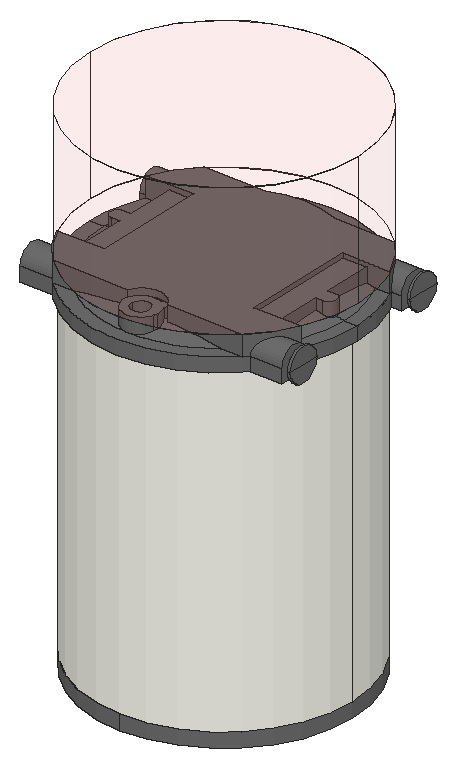
Revit family
Parameters (values of type "1105C2F")
  Watermarked By = "http://revitwatermark.com"
  Water_Ice Tank Volume = "820 Gallons"
  Warning = "Ice tanks are a component in an ice storage system including chillers, pumps, and controls. Contact CALMAC for IceBank® selection support to make sure all system components will work together properly."
  URL = "http://www.calmac.com/"
  Total Cooling Capacity [instance] = 0.0 ton
  Tank Net Usable Capacity = "105 Ton-Hrs"
  Product Page URL = "http://www.calmac.com/products/icebank.asp"
  Is Tank 1 Front Right Connector Visible = not(CTRL Off)  # yes
  Is Tank 1 Front Left Connector Visible = not(CTRL On)  # no
  Is Tank 1 Back Right Connector Visible = not(CTRL Off)  # yes
  Is Tank 1 Back Left Connector Visible = not(CTRL On)  # no
  Surface Finish = Plastic- Calmac- Black
  Supply Coolant Temperature [instance] = -459.67 °F
  Storage Inlet Temperature [instance] = 60 °F
  Shipping Weight = 1315.00 lbf
  Return Coolant Temperature [instance] = -459.67 °F
  Requires Plate Heat Exchanger [instance] = no
  Project/Customer = ""
  Product Documentation Link = "http://www.calmac.com/products/documents/CS-81Model1105C2FAug2007.pdf"
  Pressure Drop [instance] = 0.00 psi
  Precool Hours [instance] = 0
  Pipe Material = Plastic- Calmac- Black
  Operating Weight = 10885.00 lbf
  Occupied Hours [instance] = 0
  Model = "1105C"
  Maximum Operating Temperature = "38°C"
  Maximum Operating Pressure = "620 kPa"
  Manufacturer e-mail = "info@Calmac.com"
  Manufacturer Contact Details = "CALMAC Manufacturing Corporation Headquarters, 3-00 Banta Place, Fair Lawn, NJ  07410, Tel: (201) 797-1511, Fax: (201) 797-1522"
  Manufacturer = "CALMAC Manufacturing Corp."  # constant formula
  Main Use [instance] = ""
  Location [instance] = ""
  Lid Diameter = 7' - 5"  # constant formula
  Leg 4 = 3' - 0 3/4"  # constant formula
  Leg 1 = 3' - 2 1/4"  # constant formula
  Latent Cooling Capacity [instance] = 0.0 ton
  Inlet Outlet Center Height = 8' - 0 1/2"  # constant formula
  Heat Exchanger Volume = "99 Gallons"
  Has Rigging Bar [instance] = no
  Has Plate and Frame Heat Exchanger [instance] = no
  Has Ice Inventory Meter [instance] = no
  Has Heat Transfer Fluid [instance] = no
  Has Glycol Management System [instance] = no
  Floor Loading Weight = "363 lb/sq.ft."
  Factory Tested Pressure = "1724 kPa"
  Diversity Factor [instance] = 0
  Discharge Rate [instance] = 0
  Discharge Hours [instance] = 0
  Description = "Off-Peak Cooling System"
  Is Clearance Box Visible [instance] = yes
  Clearance Box Height = 3' - 0"  # constant formula
  City/State [instance] = ""
  CTRL Width = 6' - 1 3/4"
  CTRL On = yes
  CTRL Off = not(CTRL On)  # no
  CTRL Hydronic Supply Description = "Hydronic Supply"  # constant formula
  CTRL Hydronic Return Description = "Hydronic Return"  # constant formula
  CTRL Base Radius = 2' - 11 113/256"  # constant formula
  Body Material = Plastic- Calmac- Off_White
  Has Solid Base [instance] = yes
  Base Height = Inlet Outlet Center Height - 0' 3 3/4"  # 7' - 8 3/4"
  Base Finish = Plastic- Calmac- Black
  Assembly Code = "D3030300"
  Actual Chilled Water Flow [instance] = 0 GPM
Reference planes (in)
  plane 1 "Center (Front/Back)": y = 0
  plane 2 "Bottom": z = 0
  plane 3 "Center (Left/Right)": x = 0
  plane 4 "T.O. Base": z = 92.75
  plane 5 "Inlet/Outlet Center (Elevation)": z = 96.5
  plane 6 "Right Connector Face": x = 38.25
  plane 7 "Left Connector Face": x = -36.75
  plane 8 "T.o. Lid": z = 102
  plane 9 "Top": z = 138
  plane 10 "Front Connector Center (F/B)": y = -20.5
  plane 11 "Back Connector Center (F/B)": y = 20.5
  plane 12 "Back": y = 36.875
  plane 13 "Front": y = -36.875
Dimensions and locks (in)
  locked: plane 5 "Inlet/Outlet Center (Elevation)" to plane 4 "T.O. Base" at 3.75
  "Inlet Outlet Center Height": plane 5 "Inlet/Outlet Center (Elevation)" to plane 2 "Bottom"
  "Leg 1": plane 3 "Center (Left/Right)" to plane 6 "Right Connector Face"
  "Leg 4": plane 7 "Left Connector Face" to plane 3 "Center (Left/Right)"
  locked: plane 8 "T.o. Lid" to plane 5 "Inlet/Outlet Center (Elevation)" at 5.5
  locked: plane 10 "Front Connector Center (F/B)" to plane 1 "Center (Front/Back)" at 20.5
  locked: plane 1 "Center (Front/Back)" to plane 11 "Back Connector Center (F/B)" at 20.5
  "Clearance Box Height": plane 9 "Top" to plane 8 "T.o. Lid"
  plane 8 "T.o. Lid" to plane 2 "Bottom" = 8' - 6"
  equal spacing: plane 13 "Front", plane 1 "Center (Front/Back)", plane 12 "Back"
  "CTRL Width": plane 13 "Front" to plane 12 "Back"
  plane 7 "Left Connector Face" to plane 6 "Right Connector Face" = 6' - 3"
  aligned and locked: plane 1 "Center (Front/Back)" to nested 1
  aligned and locked: plane 3 "Center (Left/Right)" to nested 1
  aligned and locked: plane 4 "T.O. Base" to nested 2
  aligned and locked: plane 1 "Center (Front/Back)" to nested 2
  aligned and locked: plane 5 "Inlet/Outlet Center (Elevation)" to nested 2
  aligned and locked: plane 3 "Center (Left/Right)" to nested 2
  aligned and locked: plane 2 "Bottom" to nested 1
Nested families (in)
  nested 1: "Cooling_Plant_Accessories-Calmac-IceBank-Base" at (0, 0, 0), type "Base"
    with Is Symbolic Line Visible no, Has Solid Base yes, CTRL Inner Wall Radius 2' - 10 145/256", CTRL Base Radius 2' - 11 113/256", Base Height 7' - 8 3/4"
  nested 2: "Cooling_Plant_Accessories-Calmac-IceBank-Lid_C-75" at (0, 0, 92.75), Surface Finish <- "Surface Finish", Pipe Material <- "Pipe Material", Clearance Box Height <- "Clearance Box Height", Is Clearance Box Visible <- "Is Clearance Box Visible", type "C-75"
    with Surface Finish Plastic- Calmac- Black, Pipe Material Plastic- Calmac- Black, Is Clearance Box Visible yes, Clearance Box Height 3' - 0", CTRL Radius 3' - 0 11/16"
Connectors (in)
  piping at (38.25, 20.5, 96.5), driven by "CTRL Hydronic Supply Description", driven by "Actual Chilled Water Flow"
    settings: on nested 2, index 1, connector radius 2", flow factor 0, pipe flow 0 GPM, pressure drop 0.00 psi, fitting loss kfactor 0, connector angle 0.00°, fixture units 0, flow configuration 0, flow direction 2, fitting loss method 0, system type 7, connector reference index -1, connector utility 0, adjustable connector no, is connector primary yes, fitting loss table "", connector description "Hydronic Supply"
  piping at (38.25, -20.5, 96.5), driven by "CTRL Hydronic Return Description"
    settings: on nested 2, index 2, connector radius 2", flow factor 0, pipe flow 0 GPM, pressure drop 0.00 psi, fitting loss kfactor 0, connector angle 0.00°, fixture units 0, flow configuration 0, flow direction 1, fitting loss method 0, system type 8, connector reference index -1, connector utility 0, adjustable connector no, is connector primary no, fitting loss table "", connector description "Hydronic Return"
Definition of nested family "Cooling_Plant_Accessories-Calmac-IceBank-Base"
  Parameters (values of type "Base")
    Wall Thickness = 0' - 0 7/8"
    URL = "http://www.calmac.com/"
    Type Comments = ""
    Is Symbolic Line Visible = not(Has Solid Base)  # yes
    Has Solid Base = no
    Model = ""
    Manufacturer = "CALMAC Manufacturing Corp."  # constant formula
    CTRL Inner Wall Radius = CTRL Base Radius - Wall Thickness  # 3' - 0"
    CTRL Base Radius = 3' - 0 7/8"
    Body Material = Plastic- Calmac- Off_White
    Base Height = 3' - 7 5/16"
    Base Finish = Plastic- Calmac- Black
    Assembly Code = "D3030"
  Reference planes (in)
    plane 1 "Center (Front/Back)": y = 0
    plane 2 "Bottom": z = 0
    plane 3 "Center (Left/Right)": x = 0
    plane 4 "Back": y = 36.875
    plane 5 "Front": y = -36.875
    plane 6 "Right": x = 36.875
    plane 7 "Left": x = -36.875
    plane 8 "T.O. Base Plate": z = 4
    plane 9 "Right Edge of Right Void": x = 24.125
    plane 10 "Left Edge of Right Void": x = 13.125
    plane 11 "Left Edge of Left Void": x = -24.125
    plane 12 "Right Edge of Left Void": x = -13.125
    plane 13 "T.O. Base Void": z = 2
    plane 14 "T.O. Base": z = 43.3125
  Forms (in)
    Extrusion 1, solid, material "Plastic- Calmac- Black" <- "Base Finish", visible <- "Is Symbolic Line Visible", detail levels fine
      sketch origin (0, 0, 0) x (1, 0, 0) y (0, 1, 0)
        loop
          circle (0, 0) r 36.875
      from 0 to 4
    Extrusion 2, void
      sketch origin (0, 0, 0) x (1, 0, 0) y (0, 1, 0)
        loop
          line (-24.125, 36.875) -> (-24.125, -36.875) -> (-13.125, -36.875) -> (-13.125, 36.875) -> (-24.125, 36.875)
        loop
          line (13.125, 36.875) -> (13.125, -36.875) -> (24.125, -36.875) -> (24.125, 36.875) -> (13.125, 36.875)
      from 0 to 2
    Extrusion 3, solid, material "Plastic- Calmac- Off_White" <- "Body Material", detail levels fine
      sketch origin (0, 0, 0) x (1, 0, 0) y (0, 1, 0)
        loop
          circle (0, 0) r 36.875
        loop
          circle (0, 0) r 36
      from 4 to 43.3125
    Extrusion 4, solid, material "Plastic- Calmac- Black" <- "Base Finish", visible <- "Has Solid Base", detail levels fine
      sketch origin (0, 0, 43.3125) x (0, -1, 0) y (1, 0, 0)
        loop
          circle (0, 0) r 36.875
      from -43.3125 to -39.3125
  Cuts and joins
    Extrusion 2 cuts Extrusion 3
    Extrusion 2 cuts Extrusion 1
  Lines and regions (in)
    Masking region 1
      outline origin (0, 0, 0) x (1, 0, 0) y (0, 1, 0)
        loop
          circle (0, 0) r 36.875
    Masking region 2
      outline origin (0, 0, 0) x (1, 0, 0) y (0, 0, 1)
        loop
          line (-36.875, 0) -> (36.875, 0) -> (36.875, 43.3125) -> (-36.875, 43.3125) -> (-36.875, 0)
    Masking region 3
      outline origin (0, 0, 0) x (0, 1, 0) y (0, 0, 1)
        loop
          line (-36.875, 0) -> (36.875, 0) -> (36.875, 43.3125) -> (-36.875, 43.3125) -> (-36.875, 0)
    symbolic lines, style "Base", detail levels medium+fine
      curve 1: line (-36.875, 0, 4) -> (36.875, 0, 4)
      curve 8: line (0, -36.875, 4) -> (0, 36.875, 4)
    symbolic lines, style "Base", visible <- "Is Symbolic Line Visible", detail levels medium+fine
      curve 2: line (-24.125, 0, 0) -> (-24.125, 0, 2)
      curve 3: line (-24.125, 0, 2) -> (-13.125, 0, 2)
      curve 4: line (13.125, 0, 2) -> (24.125, 0, 2)
      curve 5: line (13.125, 0, 0) -> (13.125, 0, 2)
      curve 6: line (24.125, 0, 0) -> (24.125, 0, 2)
      curve 7: line (-13.125, 0, 0) -> (-13.125, 0, 2)
    model lines, style "Base", detail levels medium
      curve 9: circle (0, 0, 43.3125) r 36.875 normal (0, 0, 1)
      curve 10: circle (0, 0, 4) r 36.875 normal (0, 0, 1)
      curve 11: circle (0, 0, 0) r 36.875 normal (0, 0, 1)
      curve 12: line (36.875, 0, 0) -> (36.875, 0, 43.3125)
      curve 13: line (-36.875, 0, 0) -> (-36.875, 0, 43.3125)
      curve 14: line (0, -36.875, 0) -> (0, -36.875, 43.3125)
      curve 15: line (0, 36.875, 0) -> (0, 36.875, 43.3125)
    model lines, style "Base", detail levels coarse
      curve 16: line (0, 0, 0) -> (0, 0, 43.3125)
  Dimensions and locks (in)
    locked: plane 7 "Left" to plane 11 "Left Edge of Left Void" at 12.75
    locked: plane 7 "Left" to plane 12 "Right Edge of Left Void" at 23.75
    locked: plane 9 "Right Edge of Right Void" to plane 6 "Right" at 12.75
    locked: plane 10 "Left Edge of Right Void" to plane 6 "Right" at 23.75
    "CTRL Base Radius": plane 7 "Left" to plane 3 "Center (Left/Right)"
    "CTRL Base Radius": plane 3 "Center (Left/Right)" to plane 6 "Right"
    "CTRL Base Radius": plane 1 "Center (Front/Back)" to plane 4 "Back"
    "CTRL Base Radius": plane 5 "Front" to plane 1 "Center (Front/Back)"
    locked: plane 8 "T.O. Base Plate" to plane 2 "Bottom" at 4
    "Base Height": plane 14 "T.O. Base" to plane 2 "Bottom"
    locked: plane 13 "T.O. Base Void" to plane 2 "Bottom" at 2
    "CTRL Base Radius": radius of Extrusion 1 sketch curve
    "CTRL Base Radius": radius of Extrusion 3 sketch curve
    "CTRL Inner Wall Radius": radius of Extrusion 3 sketch curve
    "CTRL Base Radius": radius of Masking region 1 sketch curve
    "CTRL Base Radius": radius of curve 9
    "CTRL Base Radius": radius of curve 10
    "CTRL Base Radius": radius of curve 11
    "CTRL Base Radius": radius of Extrusion 4 sketch curve
    aligned and locked: plane 3 "Center (Left/Right)" to Extrusion 1 sketch curve
    aligned and locked: plane 1 "Center (Front/Back)" to Extrusion 1 sketch curve
    aligned and locked: Extrusion 1 to plane 2 "Bottom"
    aligned and locked: plane 8 "T.O. Base Plate" to Extrusion 1
    aligned and locked: plane 2 "Bottom" to Extrusion 1
    aligned and locked: Extrusion 2 sketch curve to plane 4 "Back"  (x2)
    aligned and locked: Extrusion 2 sketch curve to plane 12 "Right Edge of Left Void"
    aligned and locked: plane 11 "Left Edge of Left Void" to Extrusion 2 sketch curve
    aligned and locked: Extrusion 2 sketch curve to plane 5 "Front"  (x2)
    aligned and locked: Extrusion 2 sketch curve to plane 10 "Left Edge of Right Void"
    aligned and locked: Extrusion 2 sketch curve to plane 9 "Right Edge of Right Void"
    aligned and locked: plane 13 "T.O. Base Void" to Extrusion 2
    aligned and locked: Extrusion 2 to plane 2 "Bottom"
    aligned and locked: Extrusion 2 to plane 5 "Front"
    aligned and locked: plane 4 "Back" to Extrusion 2
    aligned and locked: Extrusion 2 to plane 13 "T.O. Base Void"  (x2)
    aligned and locked: plane 11 "Left Edge of Left Void" to Extrusion 2
    aligned and locked: plane 2 "Bottom" to Extrusion 2  (x2)
    aligned and locked: Extrusion 2 to plane 12 "Right Edge of Left Void"
    aligned and locked: plane 10 "Left Edge of Right Void" to Extrusion 2
    aligned and locked: Extrusion 2 to plane 9 "Right Edge of Right Void"
    aligned and locked: plane 3 "Center (Left/Right)" to Extrusion 3 sketch curve  (x2)
    aligned and locked: plane 1 "Center (Front/Back)" to Extrusion 3 sketch curve  (x2)
    aligned and locked: Extrusion 3 to plane 8 "T.O. Base Plate"
    aligned and locked: plane 14 "T.O. Base" to Extrusion 3
    aligned and locked: plane 3 "Center (Left/Right)" to Masking region 1 sketch curve
    aligned and locked: plane 1 "Center (Front/Back)" to Masking region 1 sketch curve
    aligned and locked: Masking region 2 sketch curve to plane 14 "T.O. Base"
    aligned and locked: plane 6 "Right" to Masking region 2 sketch curve
    aligned and locked: plane 2 "Bottom" to Masking region 2 sketch curve
    aligned and locked: Masking region 2 sketch curve to plane 7 "Left"
    aligned and locked: plane 7 "Left" to curve 1
    aligned and locked: plane 6 "Right" to curve 1
    aligned and locked: curve 1 to plane 8 "T.O. Base Plate"
    aligned and locked: plane 11 "Left Edge of Left Void" to curve 3
    aligned and locked: plane 12 "Right Edge of Left Void" to curve 3
    aligned and locked: curve 3 to plane 13 "T.O. Base Void"
    aligned and locked: plane 2 "Bottom" to curve 2
    aligned and locked: curve 2 to plane 11 "Left Edge of Left Void"
    aligned and locked: plane 10 "Left Edge of Right Void" to curve 4
    aligned and locked: plane 9 "Right Edge of Right Void" to curve 4
    aligned and locked: plane 13 "T.O. Base Void" to curve 5
    aligned and locked: plane 13 "T.O. Base Void" to curve 6
    aligned and locked: plane 2 "Bottom" to curve 5
    aligned and locked: curve 5 to plane 10 "Left Edge of Right Void"
    aligned and locked: curve 6 to plane 9 "Right Edge of Right Void"
    aligned and locked: plane 13 "T.O. Base Void" to curve 7
    aligned and locked: plane 2 "Bottom" to curve 7
    aligned and locked: curve 7 to plane 12 "Right Edge of Left Void"
    aligned and locked: plane 5 "Front" to Masking region 3 sketch curve
    aligned and locked: plane 14 "T.O. Base" to Masking region 3 sketch curve
    aligned and locked: Masking region 3 sketch curve to plane 4 "Back"
    aligned and locked: plane 2 "Bottom" to Masking region 3 sketch curve
    aligned and locked: plane 4 "Back" to curve 8
    aligned and locked: plane 5 "Front" to curve 8
    aligned and locked: curve 8 to plane 8 "T.O. Base Plate"
    aligned and locked: plane 3 "Center (Left/Right)" to curve 9
    aligned and locked: plane 1 "Center (Front/Back)" to curve 9
    aligned and locked: curve 9 to plane 14 "T.O. Base"
    aligned and locked: curve 10 to plane 8 "T.O. Base Plate"
    aligned and locked: plane 3 "Center (Left/Right)" to curve 10
    aligned and locked: plane 1 "Center (Front/Back)" to curve 10
    aligned: curve 11 to plane 2 "Bottom"
    aligned and locked: plane 3 "Center (Left/Right)" to curve 11
    aligned and locked: plane 1 "Center (Front/Back)" to curve 11
    aligned and locked: plane 14 "T.O. Base" to curve 12
    aligned and locked: plane 14 "T.O. Base" to curve 13
    aligned and locked: plane 2 "Bottom" to curve 12
    aligned and locked: plane 2 "Bottom" to curve 13
    aligned and locked: curve 12 to plane 6 "Right"
    aligned and locked: curve 13 to plane 7 "Left"
    aligned and locked: curve 12 to plane 1 "Center (Front/Back)"
    aligned and locked: curve 13 to plane 1 "Center (Front/Back)"
    aligned and locked: plane 14 "T.O. Base" to curve 14
    aligned and locked: plane 14 "T.O. Base" to curve 15
    aligned and locked: plane 2 "Bottom" to curve 14
    aligned and locked: plane 2 "Bottom" to curve 15
    aligned and locked: plane 4 "Back" to curve 15
    aligned and locked: plane 5 "Front" to curve 14
    aligned and locked: plane 3 "Center (Left/Right)" to curve 14
    aligned and locked: plane 3 "Center (Left/Right)" to curve 15
    aligned and locked: plane 14 "T.O. Base" to curve 16
    aligned and locked: plane 2 "Bottom" to curve 16
    aligned and locked: plane 3 "Center (Left/Right)" to curve 16
    aligned and locked: curve 16 to plane 1 "Center (Front/Back)"
    aligned and locked: plane 1 "Center (Front/Back)" to Extrusion 4 sketch curve
    aligned and locked: plane 3 "Center (Left/Right)" to Extrusion 4 sketch curve
    aligned and locked: plane 8 "T.O. Base Plate" to Extrusion 4
    aligned and locked: Extrusion 4 to plane 2 "Bottom"
  Automatic sketch dimensions
    curve 6 to level = 0' - 0"
Definition of nested family "Cooling_Plant_Accessories-Calmac-IceBank-Lid_C-75"
  Parameters (values of type "C-75")
    bxcbxb = Diameter * 0.5  # 3' - 0 11/16"
    adfasdfa = Diameter * 0.5  # 3' - 0 11/16"
    Surface Finish [instance] = none
    Pipe Material [instance] = none
    Is Front Right Flanged Connector Visible = yes
    Is Front Left Flanged Connector Visible = no
    Diameter = 6' - 1 3/8"
    Is Clearance Box Visible [instance] = yes
    Clearance Box Height [instance] = 2' - 0"
    CTRL Radius [instance] = Diameter / 2  # 3' - 0 11/16"
    Is Back Right Flanged Connector Visible = yes
    Is Back Left Flanged Connector Visible = no
  Reference planes (in)
    plane 1 "Center (Front/Back)": y = 0
    plane 2 "Bottom": z = 0
    plane 3 "Center (Left/Right)": x = 0
    plane 4 "Back": y = 36.6875
    plane 5 "Back Connector Back": y = 24.75
    plane 6 "Back Connector Center": y = 20.5
    plane 7 "Back Connector Front": y = 16.25
    plane 8 "Piping Back": y = 25.88647
    plane 9 "Rigging Back": y = 15.25
    plane 10 "Rigging Loop Back": y = 2
    plane 11 "Top Back Edge": y = 24
    plane 12 "Back Inset": y = 32.8725
    plane 13 "Back Bolt Front": y = 33.6855
    plane 14 "Front": y = -36.6875
    plane 15 "Front Connection Front": y = -24.75
    plane 16 "Fron Connector Center": y = -20.5
    plane 17 "Front Connector Back": y = -16.25
    plane 18 "Piping Front": y = -25.88647
    plane 19 "Rigging Front": y = -15.25
    plane 20 "Rigging Loop Front": y = -2
    plane 21 "Top Front Edge": y = -28
    plane 22 "Front Inset": y = -32.8725
    plane 23 "Pad Eye Hole": y = -27.02527
    plane 24 "Pad Eye Front Center": y = -28.53621
    plane 25 "Left Connection": x = -36.41773
    plane 26 "Left": x = -36.6875
    plane 27 "Left Lip Inset": x = -32.8725
    plane 28 "Left Rigging Loop Left": x = -30.87661
    plane 29 "Left Rigging Loop Inset": x = -27.6267
    plane 30 "Left Rigging Loop Right": x = -26.875
    plane 31 "Left Rigging Right": x = -20.40035
    plane 32 "Top Left": x = -9.54335
    plane 33 "Right Connection": x = 36.41773
    plane 34 "Right": x = 36.6875
    plane 35 "Lid Inset Right": x = 32.8725
    plane 36 "Right Rigging Loop Right": x = 30.88136
    plane 37 "Right Rigging Loop Inset": x = 27.63145
    plane 38 "Right Rigging Loop Left": x = 26.87975
    plane 39 "Right Rigging Left": x = 20.4051
    plane 40 "Top Right": x = 9.54335
    plane 41 "Top": z = 9.25
    plane 42 "Connector Center(Elevation)": z = 3.75
    plane 43 "Connector Channel Top": z = 8
    plane 44 "Connection Sleeve Left": x = -33.10311
    plane 45 "Connection Sleeve Right": x = 33.1032
    plane 46 "Right Center": x = 24.02983
    plane 47 "Bolt Inset Right": x = 1.00017
    plane 48 "Bolt Inset Left": x = -1.00017
    plane 49 "Bolt Inset Center": y = 34.68672
    plane 50 "Top Left Inset": x = -30.90528
    plane 51 "Top Right Inset": x = 30.90528
    plane 52 "Right Side Chanel": x = 35.23566
    plane 53 "Left Side Channel": x = -35.23566
    plane 54 "Right Tunnel Ref": x = 25.99737
    plane 55 "Left Tunnel Ref": x = -25.99737
    plane 56 "Left Tunnel Ref Center": x = -33.3678
    plane 57 "Right Tunnel Ref Center": x = 33.3678
    plane 58 "T.O. Clearance Box": z = 33.25
    plane 59 "Right Connector Face": x = 38.25
    plane 60 "Left Connector Face": x = -38.25
    plane 61 "Sleeve Left": x = -35.83203
    plane 62 "Sleeve Right": x = 35.83203
  Forms (in)
    Revolve 1, solid, material <- "Surface Finish", detail levels fine
      sketch origin (0, 0, 0) x (1, 0, 0) y (0, 0, 1)
        loop
          line (0, 9.25) -> (0, 0) -> (36.6875, 0) -> (36.6875, 3.75) -> (32.8725, 3.75) -> (9.54335, 9.25) -> (0, 9.25)
        axis (0, 9.25) -> (0, 0)
      angle from 0 to 360
    Extrusion 2, solid, material <- "Surface Finish", detail levels fine
      sketch origin (0, 0, 0) x (1, 0, 0) y (0, 1, 0)
        loop
          arc (-25.99737, 25.88647) -> (-30.15526, 20.89577) -> (-33.3678, 15.25) r 36.6875
          line (-33.3678, 15.25) -> (-20.40035, 15.25) -> (-20.40035, -15.25) -> (-33.3678, -15.25)
          arc (-33.3678, -15.25) -> (-30.15526, -20.89577) -> (-25.99737, -25.88647) r 36.6875
          line (-25.99737, -25.88647) -> (-5.47378, -25.88647)
          arc (-5.47378, -25.88647) -> (0.00163, -22.34) -> (5.47705, -25.88647) r 6
          line (5.47705, -25.88647) -> (25.99737, -25.88647)
          arc (25.99737, -25.88647) -> (30.15526, -20.89577) -> (33.3678, -15.25) r 36.6875
          line (33.3678, -15.25) -> (20.4051, -15.25) -> (20.4051, 15.25) -> (33.3678, 15.25)
          arc (33.3678, 15.25) -> (30.15526, 20.89577) -> (25.99737, 25.88647) r 36.6875
          line (25.99737, 25.88647) -> (9.54335, 25.88647)
          arc (9.54335, 25.88647) -> (0, 27.83962) -> (-9.54335, 25.88647) r 24.29157
          line (-9.54335, 25.88647) -> (-25.99737, 25.88647)
      from 3.75 to 9.25
    Extrusion 3, solid, material <- "Surface Finish", detail levels fine
      sketch origin (0, 0, 0) x (0, 1, 0) y (0, 0, 1)
        loop
          arc (24.75, 3.75) -> (20.5, 8) -> (16.25, 3.75) r 4.25
          line (16.25, 3.75) -> (16.25, 0) -> (24.75, 0) -> (24.75, 3.75)
        loop
          arc (-16.25, 3.75) -> (-20.5, 8) -> (-24.75, 3.75) r 4.25
          line (-24.75, 3.75) -> (-24.75, 0) -> (-16.25, 0) -> (-16.25, 3.75)
      from -35.83203 to 35.83203
    Extrusion 4, solid, material <- "Surface Finish", detail levels fine
      sketch origin (0, 0, 0) x (1, 0, 0) y (0, 1, 0)
        loop
          line (-26.875, 15.25) -> (-26.875, 2) -> (-28.87661, 2)
          arc (-28.87661, 2) -> (-30.87661, 0) -> (-28.87661, -2) r 2
          line (-28.87661, -2) -> (-26.875, -2) -> (-26.875, -15.25) -> (-20.40035, -15.25) -> (-20.40035, 15.25) -> (-26.875, 15.25)
        loop
          line (26.87975, 2) -> (26.87975, 15.25) -> (20.4051, 15.25) -> (20.4051, -15.25) -> (26.87975, -15.25) -> (26.87975, -2) -> (28.88512, -2)
          arc (28.88512, -2) -> (30.88512, 0) -> (28.88512, 2) r 2
          line (28.88512, 2) -> (26.87975, 2)
      from 3.75 to 8
    Extrusion 5, solid, material <- "Surface Finish", detail levels fine
      sketch origin (0, 0, 9.25) x (-1, 0, 0) y (0, -1, 0)
        loop
          arc (-2.21906, 23.96212) -> (2.64241, 24.20385) -> (4.9051, 28.51344) r 4.90816
          arc (4.9051, 28.51344) -> (4.68488, 28.94415) -> (4.53675, 29.40466) r 3
          arc (4.53675, 29.40466) -> (-0.00027, 33) -> (-4.53687, 29.40413) r 4.66
          arc (-4.53687, 29.40413) -> (-4.68495, 28.94361) -> (-4.90512, 28.51288) r 3
          arc (-4.90512, 28.51288) -> (-4.7228, 27.00389) -> (-4.08756, 25.62304) r 4.90816
          arc (-4.08756, 25.62304) -> (-3.98687, 23.85484) -> (-2.21906, 23.96212) r 1.25
        loop
          circle (0, 28.34) r 2.46875
      from -5.5 to -1.25
  Cuts and joins
    joined: Revolve 1, Extrusion 2, Extrusion 4
  Lines and regions (in)
    Masking region 1
      outline origin (0, 0, 0) x (1, 0, 0) y (0, 0, 1)
        loop
          line (-33.3678, 9.25) -> (-33.3678, 3.75) -> (-36.6875, 3.75) -> (-36.6875, 0) -> (36.6875, 0) -> (36.6875, 3.75) -> (33.3678, 3.75) -> (33.3678, 9.25) -> (-33.3678, 9.25)
    Masking region 2
      outline origin (0, 0, 0) x (0, 1, 0) y (0, 0, 1)
        loop
          line (36.6875, 3.75) -> (32.8725, 3.75) -> (27.9625, 4.87873) -> (27.9625, 9.25) -> (-25.88647, 9.25) -> (-25.88647, 8) -> (-32.8725, 8) -> (-32.8725, 3.75) -> (-36.6875, 3.75) -> (-36.6875, 0) -> (36.6875, 0) -> (36.6875, 3.75)
    Masking region 3
      outline origin (0, 0, 0) x (1, 0, 0) y (0, 1, 0)
        loop
          arc (-33.10311, 15.81634) -> (-36.6875, 0) -> (-33.10311, -15.81634) r 36.6875
          line (-33.10311, -15.81634) -> (-33.10311, -16.25) -> (-35.83203, -16.25) -> (-35.83203, -24.75) -> (-27.08155, -24.75)
          arc (-27.08155, -24.75) -> (0, -36.6875) -> (27.08155, -24.75) r 36.6875
          line (27.08155, -24.75) -> (35.83203, -24.75) -> (35.83203, -16.25) -> (33.1032, -16.25) -> (33.1032, -15.81617)
          arc (33.1032, -15.81617) -> (36.6875, 0) -> (33.1032, 15.81617) r 36.6875
          line (33.1032, 15.81617) -> (33.1032, 16.25) -> (35.83203, 16.25) -> (35.83203, 24.75) -> (27.08155, 24.75)
          arc (27.08155, 24.75) -> (0, 36.6875) -> (-27.08155, 24.75) r 36.6875
          line (-27.08155, 24.75) -> (-35.83203, 24.75) -> (-35.83203, 16.25) -> (-33.10311, 16.25) -> (-33.10311, 15.81634)
    symbolic lines, style "Thermal Energy Storage", detail levels fine
      curve 1: arc (0, 24.75, 3.75) -> (0, 20.5, 8) -> (0, 16.25, 3.75) r 4.25
      curve 2: line (0, 24.75, 0) -> (0, 24.75, 3.75)
      curve 3: line (0, 16.25, 3.75) -> (0, 16.25, 0)
      curve 6: arc (0, -2, 5.14855) -> (0, -8.63661, 4.84477) -> (0, -15.25, 4.21246) r 134.00815
      curve 8: line (0, -2, 8) -> (0, -2, 6.75604)
      curve 9: arc (0, 15.25, 4.21246) -> (0, 8.63661, 4.84477) -> (0, 2, 5.14855) r 134.00815
      curve 10: line (0, 2, 4.63945) -> (0, 2, 8)
      curve 11: line (0, -15.25, 8) -> (0, 15.25, 8)
      curve 14: arc (0, -16.25, 3.75) -> (0, -20.5, 8) -> (0, -24.75, 3.75) r 4.25
      curve 15: line (0, -16.25, 0) -> (0, -16.25, 3.75)
      curve 16: line (0, -24.75, 3.75) -> (0, -24.75, 0)
      curve 32: line (26.87975, 2, 3.75) -> (26.87975, 15.25, 3.75)
      curve 33: arc (20.4051, 7.23282, 3.75) -> (21.3358, 3.66951, 3.75) -> (21.64906, 0, 3.75) r 21.64906
      curve 34: arc (21.64906, 0, 3.75) -> (21.3358, -3.66951, 3.75) -> (20.4051, -7.23282, 3.75) r 21.64906
      curve 35: line (26.87975, -15.25, 3.75) -> (26.87975, -2, 3.75)
      curve 36: line (26.87975, -2, 3.75) -> (28.88512, -2, 3.75)
      curve 37: arc (28.88512, -2, 3.75) -> (30.88512, 0, 3.75) -> (28.88512, 2, 3.75) r 2
      curve 38: line (28.88512, 2, 3.75) -> (26.87975, 2, 3.75)
      curve 39: line (-26.875, 15.25, 3.75) -> (-26.875, 2, 3.75)
      curve 40: line (-26.875, 2, 3.75) -> (-28.87661, 2, 3.75)
      curve 41: arc (-28.87661, 2, 3.75) -> (-30.87661, 0, 3.75) -> (-28.87661, -2, 3.75) r 2
      curve 42: line (-28.87661, -2, 3.75) -> (-26.875, -2, 3.75)
      curve 43: line (-26.875, -2, 3.75) -> (-26.875, -15.25, 3.75)
      curve 44: arc (-20.40035, -7.232, 3.75) -> (-21.33105, -3.6691, 3.75) -> (-21.64431, 0, 3.75) r 21.64431
      curve 45: arc (-21.64431, 0, 3.75) -> (-21.33105, 3.6691, 3.75) -> (-20.40035, 7.232, 3.75) r 21.64431
      curve 48: line (-1.00017, 36.67386, 9.25) -> (-1.00017, 34.68672, 9.25)
      curve 49: arc (-1.00017, 34.68672, 9.25) -> (0, 33.68655, 9.25) -> (1.00017, 34.68672, 9.25) r 1.00017
      curve 50: line (1.00017, 34.68672, 9.25) -> (1.00017, 36.6875, 9.25)
      curve 51: line (11.31854, 34.8979, 9.25) -> (10.65418, 33.0251, 9.25)
      curve 52: arc (10.65418, 33.0251, 9.25) -> (11.26241, 31.7481, 9.25) -> (12.53942, 32.35633, 9.25) r 1.00017
      curve 53: line (12.53942, 32.35633, 9.25) -> (13.20834, 34.24197, 9.25)
      curve 54: line (-13.21164, 34.2958, 9.25) -> (-12.55966, 32.41866, 9.25)
      curve 55: arc (-12.55966, 32.41866, 9.25) -> (-11.2867, 31.80201, 9.25) -> (-10.67005, 33.07497, 9.25) r 1.00017
      curve 56: line (-10.67005, 33.07497, 9.25) -> (-11.3265, 34.96499, 9.25)
      curve 57: line (-23.92286, 28.15972, 9.25) -> (-22.74294, 26.56081, 9.25)
      curve 58: arc (-22.74294, 26.56081, 9.25) -> (-21.34429, 26.34992, 9.25) -> (-21.1334, 27.74856, 9.25) r 1.00017
      curve 59: line (-21.1334, 27.74856, 9.25) -> (-22.32142, 29.35845, 9.25)
      curve 60: line (32.4594, -12.82483, 9.25) -> (32.6548, -12.1272, 9.25)
      curve 61: arc (32.6548, -12.1272, 9.25) -> (31.34512, -12.66144, 9.25) -> (31.87936, -13.97113, 9.25) r 1.00017
      curve 62: line (31.87936, -13.97113, 9.25) -> (33.72369, -14.74673, 9.25)
      curve 63: line (22.39077, 29.34394, 9.25) -> (21.11473, 27.69559, 9.25)
      curve 64: arc (21.11473, 27.69559, 9.25) -> (21.29337, 26.29246, 9.25) -> (22.6965, 26.47109, 9.25) r 1.00017
      curve 65: line (22.6965, 26.47109, 9.25) -> (23.92126, 28.05321, 9.25)
      curve 66: arc (34.65389, -3.55302, 9.25) -> (33.53087, -4.41256, 9.25) -> (34.39041, -5.53559, 9.25) r 1
      curve 67: line (34.39041, -5.53559, 9.25) -> (36.36427, -5.7979, 9.25)
      curve 68: line (34.65389, -3.55302, 9.25) -> (36.62775, -3.81533, 9.25)
      curve 69: line (34.39041, 5.53559, 9.25) -> (36.36427, 5.7979, 9.25)
      curve 70: arc (34.39041, 5.53559, 9.25) -> (33.53087, 4.41256, 9.25) -> (34.65389, 3.55302, 9.25) r 1
      curve 71: line (34.65389, 3.55302, 9.25) -> (36.62775, 3.81533, 9.25)
      curve 72: line (31.91582, 13.97144, 9.25) -> (33.76295, 14.71511, 9.25)
      curve 73: arc (31.91582, 13.97144, 9.25) -> (31.36165, 12.67033, 9.25) -> (32.66277, 12.11616, 9.25) r 1
      curve 74: line (32.66277, 12.11616, 9.25) -> (34.5099, 12.85983, 9.25)
      curve 75: line (-31.91107, 13.97144, 9.25) -> (-33.7582, 14.71511, 9.25)
      curve 76: arc (-32.65802, 12.11616, 9.25) -> (-31.3569, 12.67033, 9.25) -> (-31.91107, 13.97144, 9.25) r 1
      curve 77: line (-32.65802, 12.11616, 9.25) -> (-34.50515, 12.85983, 9.25)
      curve 78: line (-34.38566, 5.53559, 9.25) -> (-36.35952, 5.7979, 9.25)
      curve 79: arc (-34.64914, 3.55302, 9.25) -> (-33.52612, 4.41256, 9.25) -> (-34.38566, 5.53559, 9.25) r 1
      curve 80: line (-34.64914, 3.55302, 9.25) -> (-36.623, 3.81533, 9.25)
      curve 81: line (-34.64914, -3.55302, 9.25) -> (-36.623, -3.81533, 9.25)
      curve 82: arc (-34.38566, -5.53559, 9.25) -> (-33.52612, -4.41256, 9.25) -> (-34.64914, -3.55302, 9.25) r 1
      curve 83: line (-34.38566, -5.53559, 9.25) -> (-36.35952, -5.7979, 9.25)
      curve 84: line (-22.69219, -26.43077, 9.25) -> (-23.97422, -28.0179, 9.25)
      curve 85: arc (-21.13636, -27.68751, 9.25) -> (-21.28591, -26.28122, 9.25) -> (-22.69219, -26.43077, 9.25) r 1
      curve 86: line (-21.13636, -27.68751, 9.25) -> (-22.4199, -29.27651, 9.25)
      curve 87: line (-12.56783, -32.48955, 9.25) -> (-13.24652, -34.41359, 9.25)
      curve 88: arc (-10.68173, -33.15486, 9.25) -> (-11.29213, -31.87915, 9.25) -> (-12.56783, -32.48955, 9.25) r 1
      curve 89: line (-10.68173, -33.15486, 9.25) -> (-11.36123, -35.08117, 9.25)
      curve 90: line (-1.00017, -34.82, 9.25) -> (-1.00017, -36.80999, 9.25)
      curve 91: arc (1.00017, -34.82, 9.25) -> (0, -33.81983, 9.25) -> (-1.00017, -34.82, 9.25) r 1.00017
      curve 92: line (1.00017, -34.82, 9.25) -> (1.00017, -36.81244, 9.25)
      curve 93: line (12.56783, -32.48955, 9.25) -> (13.23022, -34.36736, 9.25)
      curve 94: arc (12.56783, -32.48955, 9.25) -> (11.29213, -31.87915, 9.25) -> (10.68173, -33.15486, 9.25) r 1
      curve 95: line (10.68173, -33.15486, 9.25) -> (11.34412, -35.03267, 9.25)
      curve 96: arc (22.69219, -26.43077, 9.25) -> (21.28591, -26.28122, 9.25) -> (21.13636, -27.68751, 9.25) r 1
      curve 97: line (22.69219, -26.43077, 9.25) -> (23.94341, -27.97976, 9.25)
      curve 98: line (21.13636, -27.68751, 9.25) -> (22.38758, -29.2365, 9.25)
      curve 99: line (32.66277, -12.11616, 9.25) -> (34.5099, -12.85983, 9.25)
      curve 100: line (-31.91107, -14.79231, 9.25) -> (-33.7582, -15.23425, 9.25)
      curve 101: arc (-31.91107, -14.79231, 9.25) -> (-31.3569, -13.49119, 9.25) -> (-32.65802, -12.93703, 9.25) r 1
      curve 102: line (-32.65802, -12.93703, 9.25) -> (-34.50515, -13.37897, 9.25)
      curve 106: arc (-5.47378, 0, 5.26563) -> (-15.77731, 0, 4.35832) -> (-25.99737, 0, 2.76575) r 154.97971
      curve 107: arc (25.99737, 0, 2.76578) -> (15.77893, 0, 4.35812) -> (5.47705, 0, 5.26547) r 154.99141
      curve 108: line (5.47705, 0, 9.25) -> (5.47705, 0, 5.26547)
      curve 109: line (-5.47378, 0, 5.26563) -> (-5.47378, 0, 9.25)
      curve 110: line (-4.9051, 0, 8) -> (-4.9051, 0, 4.70486)
      curve 111: line (4.90512, 0, 4.70486) -> (4.90512, 0, 8)
      curve 112: line (4.90512, 0, 8) -> (-4.9051, 0, 8)
      curve 113: line (-33.10311, 0, 8) -> (-33.10311, 0, 0)
      curve 114: line (33.1032, 0, 0) -> (33.1032, 0, 8)
      curve 115: arc (-4.9051, 0, 4.70486) -> (0.00001, 0, 3.8302) -> (4.90512, 0, 4.70486) r 14.19119
      curve 116: arc (30.87466, 0, 8) -> (28.02128, 0, 6.67955) -> (26.87975, 0, 3.75) r 4.20763
      curve 117: line (26.87975, 0, 3.75) -> (26.87975, 0, 0)
      curve 118: line (30.87466, 0, 8) -> (33.1032, 0, 8)
      curve 119: arc (-30.90528, 0, 8) -> (-28.05544, 0, 6.81956) -> (-26.875, 0, 3.96972) r 4.03028
      curve 120: line (-26.875, 0, 3.96972) -> (-26.875, 0, 0)
      curve 121: line (-30.90528, 0, 8) -> (-33.10311, 0, 8)
      curve 122: line (30.90528, -2, 4.63175) -> (30.90528, -2, 8)
      curve 123: arc (30.90528, 1.99747, 4.63175) -> (30.90528, -0.00127, 4.2218) -> (30.90528, -2, 4.63175) r 5.07744
      curve 124: line (30.90528, 25.88647, 4.9399) -> (30.90528, 27.84324, 4.88321)
      curve 125: arc (9.54335, 25.88647, 9.25) -> (0, 27.83962, 9.25) -> (-9.54335, 25.88647, 9.25) r 24.29157
      curve 126: arc (-5.2102, -25.36733, 9.25) -> (0.00163, -22.34, 9.25) -> (5.21347, -25.36733, 9.25) r 6
      curve 130: arc (-4.53675, -29.40466, 9.25) -> (0.00027, -33, 9.25) -> (4.53687, -29.40413, 9.25) r 4.66
      curve 131: arc (4.53687, -29.40413, 9.25) -> (4.68495, -28.94361, 9.25) -> (4.90512, -28.51288, 9.25) r 3
      curve 132: arc (4.90512, -28.51288, 9.25) -> (4.7228, -27.00389, 9.25) -> (4.08756, -25.62304, 9.25) r 4.90816
      curve 133: arc (4.08756, -25.62304, 9.25) -> (3.98687, -23.85484, 9.25) -> (2.21906, -23.96212, 9.25) r 1.25
      curve 134: arc (2.21906, -23.96212, 9.25) -> (-2.64241, -24.20385, 9.25) -> (-4.9051, -28.51344, 9.25) r 4.90816
      curve 135: arc (-4.9051, -28.51344, 9.25) -> (-4.68488, -28.94415, 9.25) -> (-4.53675, -29.40466, 9.25) r 3
      curve 136: arc (2.46875, -28.34, 9.25) -> (0, -30.80875, 9.25) -> (-2.46875, -28.34, 9.25) r 2.46875
      curve 137: arc (-2.46875, -28.34, 9.25) -> (0, -25.87125, 9.25) -> (2.46875, -28.34, 9.25) r 2.46875
    symbolic lines, style "Thermal Energy Storage", detail levels medium+fine
      curve 4: line (0, 25.88647, 3.75) -> (0, 25.88647, 9.25)
      curve 5: line (0, 25.88647, 3.75) -> (0, 32.8725, 3.75)
      curve 7: line (0, -15.25, 3.75) -> (0, -15.25, 9.25)
      curve 12: line (0, 15.25, 9.25) -> (0, 15.25, 3.75)
      curve 13: line (0, 15.25, 3.75) -> (0, -15.25, 3.75)
      curve 17: line (0, -25.88647, 9.25) -> (0, -25.88647, 3.75)
      curve 18: line (0, -25.88647, 3.75) -> (0, -32.87023, 3.75)
      curve 19: line (-9.54335, 25.88647, 3.75) -> (-25.99737, 25.88647, 3.75)
      curve 20: arc (-25.99737, 25.88647, 3.75) -> (-30.15526, 20.89577, 3.75) -> (-33.3678, 15.25, 3.75) r 36.6875
      curve 21: line (-33.3678, 15.25, 3.75) -> (-20.40035, 15.25, 3.75)
      curve 22: line (-20.40035, 15.25, 3.75) -> (-20.40035, -15.25, 3.75)
      curve 23: line (-20.40035, -15.25, 3.75) -> (-33.3678, -15.25, 3.75)
      curve 24: line (-25.99737, -25.88647, 3.75) -> (-5.47378, -25.88647, 3.75)
      curve 25: line (5.47705, -25.88647, 3.75) -> (25.99737, -25.88647, 3.75)
      curve 26: arc (25.99737, -25.88647, 3.75) -> (30.15526, -20.89577, 3.75) -> (33.3678, -15.25, 3.75) r 36.6875
      curve 27: line (33.3678, -15.25, 3.75) -> (20.4051, -15.25, 3.75)
      curve 28: line (20.4051, -15.25, 3.75) -> (20.4051, 15.25, 3.75)
      curve 29: line (20.4051, 15.25, 3.75) -> (33.3678, 15.25, 3.75)
      curve 30: arc (33.3678, 15.25, 3.75) -> (30.15526, 20.89577, 3.75) -> (25.99737, 25.88647, 3.75) r 36.6875
      curve 31: line (25.99737, 25.88647, 3.75) -> (9.54335, 25.88647, 3.75)
      curve 46: arc (-29.1211, -15.25, 3.75) -> (-32.8725, 0, 3.75) -> (-29.1211, 15.25, 3.75) r 32.8725
      curve 47: arc (29.1211, 15.25, 3.75) -> (32.8725, 0, 3.75) -> (29.1211, -15.25, 3.75) r 32.8725
      curve 103: line (-25.99737, 0, 3.75) -> (25.99737, 0, 3.75)
      curve 104: line (25.99737, 0, 3.75) -> (25.99737, 0, 9.25)
      curve 105: line (-25.99737, 0, 3.75) -> (-25.99737, 0, 9.25)
      curve 127: arc (20.2606, -25.88647, 9.25) -> (0, -32.8725, 9.25) -> (-20.2606, -25.88647, 9.25) r 32.8725
      curve 128: arc (-20.2606, 25.88647, 9.25) -> (0, 32.8725, 9.25) -> (20.2606, 25.88647, 9.25) r 32.8725
      curve 129: arc (-33.3678, -15.25, 9.25) -> (-30.15526, -20.89577, 9.25) -> (-25.99737, -25.88647, 9.25) r 36.6875
    model lines, style "Thermal Energy Storage", detail levels medium
      curve 138: arc (36.6875, 0, 0) -> (0, 36.6875, 0) -> (-36.6875, 0, 0) r 36.6875
      curve 139: arc (-36.6875, 0, 0) -> (0, -36.6875, 0) -> (36.6875, 0, 0) r 36.6875
      curve 140: arc (36.6875, 0, 3.75) -> (0, 36.6875, 3.75) -> (-36.6875, 0, 3.75) r 36.6875
      curve 141: arc (-36.6875, 0, 3.75) -> (0, -36.6875, 3.75) -> (36.6875, 0, 3.75) r 36.6875
      curve 142: arc (-32.87211, 0.161, 3.75) -> (0.161, 32.87211, 3.75) -> (32.87211, -0.161, 3.75) r 32.8725
      curve 143: arc (32.87211, -0.161, 3.75) -> (-0.161, -32.87211, 3.75) -> (-32.87211, 0.161, 3.75) r 32.8725
      curve 144: line (-20.40035, 15.25, 3.75) -> (-20.40035, -15.25, 3.75)
      curve 145: line (-20.40035, -15.25, 3.75) -> (-33.3678, -15.25, 3.75)
      curve 146: arc (-33.3678, -15.25, 3.75) -> (-30.15526, -20.89577, 3.75) -> (-25.99737, -25.88647, 3.75) r 36.6875
      curve 147: line (-25.99737, -25.88647, 3.75) -> (-5.47378, -25.88647, 3.75)
      curve 148: arc (-5.47378, -25.88647, 3.75) -> (0.00163, -22.34, 3.75) -> (5.47705, -25.88647, 3.75) r 6
      curve 149: line (5.47705, -25.88647, 3.75) -> (26.86466, -25.88647, 3.75)
      curve 150: arc (25.99737, -25.88647, 3.75) -> (30.15526, -20.89577, 3.75) -> (33.3678, -15.25, 3.75) r 36.6875
      curve 151: line (33.3678, -15.25, 3.75) -> (20.4051, -15.25, 3.75)
      curve 152: line (20.4051, -15.25, 3.75) -> (20.4051, 15.25, 3.75)
      curve 153: line (20.4051, 15.25, 3.75) -> (33.1032, 15.25, 3.75)
      curve 154: arc (33.3678, 15.25, 3.75) -> (30.15526, 20.89577, 3.75) -> (25.99737, 25.88647, 3.75) r 36.6875
      curve 155: line (26.87975, 25.88647, 3.75) -> (9.54335, 25.88647, 3.75)
      curve 156: arc (9.54335, 25.88647, 3.75) -> (0, 27.83962, 3.75) -> (-9.54335, 25.88647, 3.75) r 24.29157
      curve 157: line (-9.54335, 25.88647, 3.75) -> (-25.58314, 25.88647, 3.75)
      curve 158: arc (-25.99737, 25.88647, 3.75) -> (-30.15526, 20.89577, 3.75) -> (-33.3678, 15.25, 3.75) r 36.6875
      curve 159: line (-32.69791, 15.25, 3.75) -> (-20.40035, 15.25, 3.75)
      curve 160: line (-20.40035, 15.25, 9.25) -> (-20.40035, -15.25, 9.25)
      curve 161: line (-20.40035, -15.25, 9.25) -> (-32.1296, -15.25, 9.25)
      curve 162: arc (-33.3678, -15.25, 9.25) -> (-30.15526, -20.89577, 9.25) -> (-25.99737, -25.88647, 9.25) r 36.6875
      curve 163: line (-25.99737, -25.88647, 9.25) -> (-5.51517, -25.88647, 9.25)
      curve 164: arc (-5.2102, -25.36733, 9.25) -> (0.00163, -22.34, 9.25) -> (5.21347, -25.36733, 9.25) r 6
      curve 165: line (6.00769, -25.88647, 9.25) -> (25.99737, -25.88647, 9.25)
      curve 166: arc (25.99737, -25.88647, 9.25) -> (30.15526, -20.89577, 9.25) -> (33.3678, -15.25, 9.25) r 36.6875
      curve 167: line (33.3678, -15.25, 9.25) -> (20.4051, -15.25, 9.25)
      curve 168: line (20.4051, -15.25, 9.25) -> (20.4051, 15.25, 9.25)
      curve 169: line (20.4051, 15.25, 9.25) -> (33.3678, 15.25, 9.25)
      curve 170: arc (33.3678, 15.25, 9.25) -> (30.15526, 20.89577, 9.25) -> (25.99737, 25.88647, 9.25) r 36.6875
      curve 171: line (25.99737, 25.88647, 9.25) -> (9.54335, 25.88647, 9.25)
      curve 172: arc (9.54335, 25.88647, 9.25) -> (0, 27.83962, 9.25) -> (-9.54335, 25.88647, 9.25) r 24.29157
      curve 173: line (-8.18696, 25.88647, 9.25) -> (-25.99737, 25.88647, 9.25)
      curve 174: arc (-25.99737, 25.88647, 9.25) -> (-30.15526, 20.89577, 9.25) -> (-33.3678, 15.25, 9.25) r 36.6875
      curve 175: line (-33.3678, 15.25, 9.25) -> (-20.40035, 15.25, 9.25)
      curve 176: line (-25.99737, 25.88647, 3.75) -> (-25.99737, 25.88647, 9.25)
      curve 177: line (-25.99737, -25.88647, 9.25) -> (-25.99737, -25.88647, 3.75)
      curve 178: line (-33.3678, 15.25, 9.25) -> (-33.3678, 15.25, 3.75)
      curve 179: line (-33.3678, -15.25, 3.75) -> (-33.3678, -15.25, 9.25)
      curve 180: line (33.3678, 15.25, 3.75) -> (33.3678, 15.25, 9.25)
      curve 181: line (33.3678, -15.25, 9.25) -> (33.3678, -15.25, 3.75)
      curve 182: line (25.99737, 25.88647, 9.25) -> (25.99737, 25.88647, 3.75)
      curve 183: line (25.99737, -25.88647, 3.75) -> (25.99737, -25.88647, 9.25)
    model lines, style "Thermal Energy Storage", detail levels coarse
      curve 184: line (-36.6875, 0, 9.25) -> (36.6875, 0, 9.25)
      curve 185: line (0, -36.6875, 9.25) -> (0, 36.6875, 9.25)
      curve 186: line (0, 0, 9.25) -> (0, 0, 0)
  Dimensions and locks (in)
    plane 41 "Top" to plane 2 "Bottom" = 0' - 9 1/4"
    locked: plane 43 "Connector Channel Top" to plane 2 "Bottom" at 8
    locked: plane 42 "Connector Center(Elevation)" to plane 2 "Bottom" at 3.75
    locked: Extrusion 4 sketch curve to plane 29 "Left Rigging Loop Inset" at 1.24992
    locked: Extrusion 4 sketch curve to plane 30 "Left Rigging Loop Right" at 2.00161
    locked: plane 37 "Right Rigging Loop Inset" to Extrusion 4 sketch curve at 1.25367  (x2)
    locked: plane 26 "Left" to plane 25 "Left Connection" at 0.26977
    locked: plane 26 "Left" to plane 44 "Connection Sleeve Left" at 3.58439
    locked: plane 26 "Left" to plane 27 "Left Lip Inset" at 3.815
    locked: plane 33 "Right Connection" to plane 34 "Right" at 0.26977
    locked: plane 45 "Connection Sleeve Right" to plane 34 "Right" at 3.5843
    locked: plane 35 "Lid Inset Right" to plane 34 "Right" at 3.815
    "Diameter": plane 26 "Left" to plane 34 "Right"
    "Diameter": plane 14 "Front" to plane 4 "Back"
    locked: plane 3 "Center (Left/Right)" to plane 47 "Bolt Inset Right" at 1.00017
    locked: plane 48 "Bolt Inset Left" to plane 3 "Center (Left/Right)" at 1.00017
    locked: plane 3 "Center (Left/Right)" to plane 40 "Top Right" at 9.54335
    locked: plane 32 "Top Left" to plane 3 "Center (Left/Right)" at 9.54335
    locked: plane 31 "Left Rigging Right" to plane 48 "Bolt Inset Left" at 19.40018
    locked: plane 3 "Center (Left/Right)" to plane 39 "Right Rigging Left" at 20.4051
    locked: plane 30 "Left Rigging Loop Right" to plane 3 "Center (Left/Right)" at 26.875
    locked: plane 3 "Center (Left/Right)" to plane 46 "Right Center" at 24.02983
    locked: plane 46 "Right Center" to plane 38 "Right Rigging Loop Left" at 2.84992
    locked: plane 46 "Right Center" to plane 37 "Right Rigging Loop Inset" at 3.60161
    locked: plane 46 "Right Center" to plane 36 "Right Rigging Loop Right" at 6.85153
    locked: plane 29 "Left Rigging Loop Inset" to plane 30 "Left Rigging Loop Right" at 0.7517
    locked: plane 28 "Left Rigging Loop Left" to plane 30 "Left Rigging Loop Right" at 4.00161
    locked: plane 49 "Bolt Inset Center" to plane 4 "Back" at 2.00078
    locked: plane 13 "Back Bolt Front" to plane 4 "Back" at 3.002
    locked: plane 12 "Back Inset" to plane 4 "Back" at 3.815
    locked: plane 22 "Front Inset" to plane 14 "Front" at 3.815
    locked: plane 24 "Pad Eye Front Center" to plane 14 "Front" at 8.15129
    locked: plane 23 "Pad Eye Hole" to plane 14 "Front" at 9.66223
    plane 16 "Fron Connector Center" to plane 1 "Center (Front/Back)" = 1' - 8 1/2"
    locked: plane 20 "Rigging Loop Front" to plane 1 "Center (Front/Back)" at 2
    locked: plane 1 "Center (Front/Back)" to plane 10 "Rigging Loop Back" at 2
    locked: plane 1 "Center (Front/Back)" to plane 6 "Back Connector Center" at 20.5
    locked: plane 26 "Left" to plane 50 "Top Left Inset" at 5.78222
    locked: plane 51 "Top Right Inset" to plane 34 "Right" at 5.78222
    locked: plane 52 "Right Side Chanel" to plane 34 "Right" at 1.45184
    locked: plane 26 "Left" to plane 53 "Left Side Channel" at 1.45184
    equal spacing: plane 26 "Left", plane 3 "Center (Left/Right)", plane 34 "Right"
    "bxcbxb": plane 14 "Front" to plane 1 "Center (Front/Back)"
    "adfasdfa": plane 1 "Center (Front/Back)" to plane 4 "Back"
    locked: plane 16 "Fron Connector Center" to plane 19 "Rigging Front" at 5.25
    locked: plane 18 "Piping Front" to plane 16 "Fron Connector Center" at 5.38647
    locked: plane 16 "Fron Connector Center" to plane 21 "Top Front Edge" at 7.5
    locked: plane 8 "Piping Back" to plane 6 "Back Connector Center" at 5.38647
    locked: plane 6 "Back Connector Center" to plane 9 "Rigging Back" at 5.25
    equal spacing: plane 15 "Front Connection Front", plane 16 "Fron Connector Center", plane 17 "Front Connector Back"
    locked: plane 15 "Front Connection Front" to plane 17 "Front Connector Back" at 8.5
    locked: plane 11 "Top Back Edge" to plane 6 "Back Connector Center" at 3.5
    equal spacing: plane 5 "Back Connector Back", plane 6 "Back Connector Center", plane 7 "Back Connector Front"
    locked: plane 5 "Back Connector Back" to plane 7 "Back Connector Front" at 8.5
    locked: Extrusion 5 sketch curve to plane 24 "Pad Eye Front Center" at 0.19621  (x2)
    locked: plane 21 "Top Front Edge" to Extrusion 5 sketch curve at 0.34  (x2)
    locked: plane 18 "Piping Front" to Extrusion 5 sketch curve at 1.09737
    locked: plane 47 "Bolt Inset Right" to Extrusion 5 sketch curve at 2.15623
    locked: Masking region 2 sketch curve to plane 8 "Piping Back" at 2.07602
    locked: plane 43 "Connector Channel Top" to Masking region 2 sketch curve at 3.12127
    locked: plane 54 "Right Tunnel Ref" to plane 34 "Right" at 10.69013
    locked: plane 26 "Left" to plane 55 "Left Tunnel Ref" at 10.69013
    locked: plane 26 "Left" to plane 56 "Left Tunnel Ref Center" at 3.3197
    locked: plane 57 "Right Tunnel Ref Center" to plane 34 "Right" at 3.3197
    locked: plane 3 "Center (Left/Right)" to plane 59 "Right Connector Face" at 38.25
    locked: plane 60 "Left Connector Face" to plane 3 "Center (Left/Right)" at 38.25
    locked: plane 61 "Sleeve Left" to plane 3 "Center (Left/Right)" at 35.83203
    locked: plane 62 "Sleeve Right" to plane 34 "Right" at 0.85547
    "Clearance Box Height": plane 58 "T.O. Clearance Box" to plane 41 "Top"
    radius of Extrusion 5 sketch curve = 0' - 2 15/32"
    radius of Extrusion 5 sketch curve = 0' - 1 1/4"
    radius of Extrusion 5 sketch curve = 0' - 4.90816"  (x2)
    radius of Extrusion 5 sketch curve = 0' - 4.66"
    aligned and locked: Revolve 1 sketch curve to plane 41 "Top"
    aligned and locked: plane 34 "Right" to Revolve 1 sketch curve
    aligned and locked: Revolve 1 sketch curve to plane 3 "Center (Left/Right)"  (x2)
    aligned and locked: plane 35 "Lid Inset Right" to Revolve 1 sketch curve
    aligned and locked: plane 42 "Connector Center(Elevation)" to Revolve 1 sketch curve
    aligned and locked: plane 40 "Top Right" to Revolve 1 sketch curve
    aligned and locked: plane 41 "Top" to Revolve 1 sketch curve  (x2)
    aligned and locked: Revolve 1 sketch curve to plane 2 "Bottom"
    aligned and locked: plane 2 "Bottom" to Revolve 1 sketch curve
    aligned and locked: Extrusion 2 sketch curve to plane 8 "Piping Back"  (x2)
    aligned and locked: Extrusion 2 sketch curve to plane 9 "Rigging Back"  (x2)
    aligned and locked: plane 19 "Rigging Front" to Extrusion 2 sketch curve  (x2)
    aligned and locked: plane 18 "Piping Front" to Extrusion 2 sketch curve  (x3)
    aligned and locked: Extrusion 2 sketch curve to plane 31 "Left Rigging Right"
    aligned and locked: plane 39 "Right Rigging Left" to Extrusion 2 sketch curve
    aligned and locked: plane 32 "Top Left" to Extrusion 2 sketch curve
    aligned and locked: plane 40 "Top Right" to Extrusion 2 sketch curve
    aligned and locked: Extrusion 2 to plane 42 "Connector Center(Elevation)"
    aligned and locked: plane 41 "Top" to Extrusion 2
    aligned and locked: plane 7 "Back Connector Front" to Extrusion 3 sketch curve  (x2)
    aligned and locked: plane 5 "Back Connector Back" to Extrusion 3 sketch curve  (x2)
    aligned and locked: plane 42 "Connector Center(Elevation)" to Extrusion 3 sketch curve  (x4)
    aligned and locked: plane 17 "Front Connector Back" to Extrusion 3 sketch curve
    aligned and locked: plane 15 "Front Connection Front" to Extrusion 3 sketch curve
    aligned and locked: Extrusion 3 sketch curve to plane 17 "Front Connector Back"
    aligned and locked: Extrusion 3 sketch curve to plane 15 "Front Connection Front"
    aligned and locked: plane 2 "Bottom" to Extrusion 3 sketch curve  (x2)
    aligned: Extrusion 3 to plane 45 "Connection Sleeve Right"
    aligned: Extrusion 3 to plane 44 "Connection Sleeve Left"
    aligned and locked: Extrusion 4 sketch curve to plane 30 "Left Rigging Loop Right"  (x2)
    aligned and locked: Extrusion 4 sketch curve to plane 31 "Left Rigging Right"
    aligned and locked: Extrusion 4 sketch curve to plane 9 "Rigging Back"
    aligned and locked: plane 19 "Rigging Front" to Extrusion 4 sketch curve  (x2)
    aligned and locked: Extrusion 4 sketch curve to plane 10 "Rigging Loop Back"  (x2)
    aligned and locked: plane 20 "Rigging Loop Front" to Extrusion 4 sketch curve  (x2)
    aligned and locked: plane 39 "Right Rigging Left" to Extrusion 4 sketch curve
    aligned and locked: plane 38 "Right Rigging Loop Left" to Extrusion 4 sketch curve  (x2)
    aligned and locked: Extrusion 4 to plane 42 "Connector Center(Elevation)"
    aligned and locked: plane 43 "Connector Channel Top" to Extrusion 4
    aligned and locked: Masking region 1 sketch curve to plane 41 "Top"
    aligned and locked: Masking region 1 sketch curve to plane 2 "Bottom"
    aligned and locked: Masking region 1 sketch curve to plane 26 "Left"
    aligned and locked: plane 34 "Right" to Masking region 1 sketch curve
    aligned and locked: curve 1 to Extrusion 3
    aligned and locked: curve 2 to Extrusion 3
    aligned and locked: plane 42 "Connector Center(Elevation)" to curve 5
    aligned and locked: plane 8 "Piping Back" to cut or joined group of Revolve 1, Extrusion 2, Extrusion 4
    aligned and locked: curve 6 to cut or joined group of Revolve 1, Extrusion 2, Extrusion 4
    aligned and locked: curve 8 to cut or joined group of Revolve 1, Extrusion 2, Extrusion 4
    aligned and locked: curve 9 to cut or joined group of Revolve 1, Extrusion 2, Extrusion 4
    aligned and locked: curve 10 to cut or joined group of Revolve 1, Extrusion 2, Extrusion 4
    aligned and locked: curve 11 to cut or joined group of Revolve 1, Extrusion 2, Extrusion 4
    aligned and locked: cut or joined group of Revolve 1, Extrusion 2, Extrusion 4 to curve 12
    aligned and locked: cut or joined group of Revolve 1, Extrusion 2, Extrusion 4 to curve 13
    aligned and locked: curve 14 to Extrusion 3
    aligned and locked: curve 15 to Extrusion 3
    aligned and locked: cut or joined group of Revolve 1, Extrusion 2, Extrusion 4 to curve 17
    aligned and locked: cut or joined group of Revolve 1, Extrusion 2, Extrusion 4 to curve 18
    aligned and locked: plane 42 "Connector Center(Elevation)" to cut or joined group of Revolve 1, Extrusion 2, Extrusion 4
    aligned and locked: curve 19 to cut or joined group of Revolve 1, Extrusion 2, Extrusion 4
    aligned and locked: cut or joined group of Revolve 1, Extrusion 2, Extrusion 4 to curve 21
    aligned and locked: curve 22 to cut or joined group of Revolve 1, Extrusion 2, Extrusion 4
    aligned and locked: curve 23 to cut or joined group of Revolve 1, Extrusion 2, Extrusion 4
    aligned and locked: cut or joined group of Revolve 1, Extrusion 2, Extrusion 4 to curve 24
    aligned and locked: cut or joined group of Revolve 1, Extrusion 2, Extrusion 4 to curve 25
    aligned and locked: curve 27 to cut or joined group of Revolve 1, Extrusion 2, Extrusion 4
    aligned and locked: curve 28 to cut or joined group of Revolve 1, Extrusion 2, Extrusion 4
    aligned and locked: curve 29 to cut or joined group of Revolve 1, Extrusion 2, Extrusion 4
    aligned and locked: curve 31 to cut or joined group of Revolve 1, Extrusion 2, Extrusion 4
    aligned and locked: curve 32 to cut or joined group of Revolve 1, Extrusion 2, Extrusion 4
    aligned and locked: curve 35 to cut or joined group of Revolve 1, Extrusion 2, Extrusion 4
    aligned and locked: curve 36 to cut or joined group of Revolve 1, Extrusion 2, Extrusion 4
    aligned and locked: curve 37 to cut or joined group of Revolve 1, Extrusion 2, Extrusion 4
    aligned and locked: curve 38 to cut or joined group of Revolve 1, Extrusion 2, Extrusion 4
    aligned and locked: curve 39 to cut or joined group of Revolve 1, Extrusion 2, Extrusion 4
    aligned and locked: curve 40 to cut or joined group of Revolve 1, Extrusion 2, Extrusion 4
    aligned and locked: curve 41 to cut or joined group of Revolve 1, Extrusion 2, Extrusion 4
    aligned and locked: curve 42 to cut or joined group of Revolve 1, Extrusion 2, Extrusion 4
    aligned and locked: curve 43 to cut or joined group of Revolve 1, Extrusion 2, Extrusion 4
    aligned and locked: plane 19 "Rigging Front" to curve 46
    aligned and locked: plane 9 "Rigging Back" to curve 46
    aligned and locked: plane 19 "Rigging Front" to curve 47
    aligned and locked: plane 9 "Rigging Back" to curve 47
    aligned and locked: plane 47 "Bolt Inset Right" to curve 92
    aligned and locked: curve 90 to plane 48 "Bolt Inset Left"
    aligned and locked: plane 3 "Center (Left/Right)" to Extrusion 5 sketch curve  (x4)
    aligned and locked: Extrusion 5 to plane 42 "Connector Center(Elevation)"
    aligned and locked: plane 43 "Connector Channel Top" to Extrusion 5
    aligned and locked: cut or joined group of Revolve 1, Extrusion 2, Extrusion 4 to Masking region 1 sketch curve  (x2)
    aligned and locked: Masking region 1 sketch curve to plane 42 "Connector Center(Elevation)"  (x2)
    aligned and locked: curve 106 to cut or joined group of Revolve 1, Extrusion 2, Extrusion 4
    aligned and locked: curve 107 to cut or joined group of Revolve 1, Extrusion 2, Extrusion 4
    aligned and locked: cut or joined group of Revolve 1, Extrusion 2, Extrusion 4 to curve 108
    aligned and locked: cut or joined group of Revolve 1, Extrusion 2, Extrusion 4 to curve 109
    aligned and locked: curve 110 to Extrusion 5
    aligned and locked: Extrusion 5 to curve 111
    aligned and locked: Extrusion 5 to curve 112
    aligned: curve 113 to Extrusion 3
    aligned: curve 114 to Extrusion 3
    aligned and locked: plane 42 "Connector Center(Elevation)" to curve 116
    aligned and locked: plane 43 "Connector Channel Top" to curve 116
    aligned and locked: plane 38 "Right Rigging Loop Left" to curve 116
    aligned and locked: curve 113 to plane 44 "Connection Sleeve Left"
    aligned and locked: plane 43 "Connector Channel Top" to curve 121
    aligned and locked: plane 50 "Top Left Inset" to curve 121
    aligned and locked: plane 30 "Left Rigging Loop Right" to curve 120
    aligned and locked: curve 110 to curve 115
    aligned and locked: curve 122 to cut or joined group of Revolve 1, Extrusion 2, Extrusion 4
    aligned and locked: plane 18 "Piping Front" to cut or joined group of Revolve 1, Extrusion 2, Extrusion 4  (x3)
    aligned and locked: plane 19 "Rigging Front" to curve 7
    aligned and locked: plane 19 "Rigging Front" to curve 6
    aligned and locked: plane 20 "Rigging Loop Front" to curve 122
    aligned and locked: curve 4 to plane 8 "Piping Back"
    aligned and locked: Masking region 2 sketch curve to plane 4 "Back"
    aligned and locked: Masking region 2 sketch curve to plane 42 "Connector Center(Elevation)"  (x2)
    aligned and locked: plane 12 "Back Inset" to Masking region 2 sketch curve
    aligned and locked: plane 41 "Top" to Masking region 2 sketch curve
    aligned and locked: Masking region 2 sketch curve to plane 2 "Bottom"
    aligned and locked: plane 18 "Piping Front" to Masking region 2 sketch curve
    aligned and locked: Masking region 2 sketch curve to plane 43 "Connector Channel Top"
    aligned and locked: plane 22 "Front Inset" to Masking region 2 sketch curve
    aligned and locked: plane 14 "Front" to Masking region 2 sketch curve
    aligned and locked: curve 125 to cut or joined group of Revolve 1, Extrusion 2, Extrusion 4
    aligned and locked: curve 126 to cut or joined group of Revolve 1, Extrusion 2, Extrusion 4
    aligned and locked: curve 127 to cut or joined group of Revolve 1, Extrusion 2, Extrusion 4
    aligned and locked: curve 128 to cut or joined group of Revolve 1, Extrusion 2, Extrusion 4
    aligned and locked: curve 129 to cut or joined group of Revolve 1, Extrusion 2, Extrusion 4
